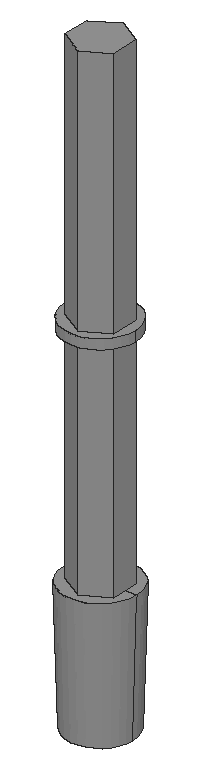
Revit family "Hammereinsatz Typ 2510 für Staberder ST, BP und OMEX", category Generic Models, Revit 2015
Parameters (values of type "2510 20")
  URL = "http://www.obo-bettermann.com"
  Material = Steel
  Manufacturer Art.No. = "3043312"
  Manufacturer = "OBO Bettermann"
  GTIN = "4012195717492"
  Article Type = "2510 20"
Reference planes
  plane 1 "Center (Front/Back)": y = 0
  plane 2: z = 0
  plane 3 "Center (Left/Right)": x = 0
  plane 4: z = 84
  plane 5: z = 395
  plane 6: z = 228.6
  plane 7: z = 235
Forms (mm)
  Revolve 1, solid, material "Steel" <- "Material"
    sketch origin (0, 0, 0) x (1, 0, 0) y (0, 0, 1)
      loop
        line (11.45, 0) -> (21.05, 0) -> (23.5, 84) -> (0, 84) -> (0, 55) -> (6.9, 55) -> (6.9, 8) -> (11.45, 8) -> (11.45, 0)
      axis (0, 84) -> (0, 0)
    angle from 0 to 360
  Extrusion 2, solid, material "Steel" <- "Material"
    sketch origin (0, 0, 0) x (1, 0, 0) y (0, 1, 0)
      loop
        line (15.689, 9.058) -> (0, 18.116) -> (-15.689, 9.058) -> (-15.689, -9.058) -> (0, -18.116) -> (15.689, -9.058) -> (15.689, 9.058)
    from 84 to 395
  Extrusion 3, solid, material "Steel" <- "Material"
    sketch origin (0, 0, 0) x (1, 0, 0) y (0, 1, 0)
      loop
        circle (0, 0) r 22.509
    from 228.6 to 235
Dimensions and locks
  locked: Revolve 1 sketch curve to plane 3 "Center (Left/Right)" at 21.05
  locked: Revolve 1 sketch curve to plane 3 "Center (Left/Right)" at 11.45
  locked: Revolve 1 sketch curve to plane 3 "Center (Left/Right)" at 23.5
  locked: plane 4 to level at 84
  locked: Revolve 1 sketch curve to plane 3 "Center (Left/Right)" at 6.9
  locked: Revolve 1 sketch curve to level at 8
  locked: Revolve 1 sketch curve to level at 55
  locked: plane 5 to level at 395
  locked: plane 7 to level at 235
  locked: plane 7 to plane 6 at 6.4
  aligned and locked: level to plane 2
  aligned and locked: Revolve 1 sketch curve to level
  aligned and locked: Revolve 1 sketch curve to plane 2
  aligned and locked: Revolve 1 sketch curve to plane 4
  aligned and locked: Revolve 1 sketch curve to Revolve 1 sketch curve
  aligned and locked: plane 5 to Extrusion 2
  aligned and locked: Extrusion 2 to Revolve 1
  aligned and locked: plane 7 to Extrusion 3
  aligned and locked: Extrusion 3 to plane 6
